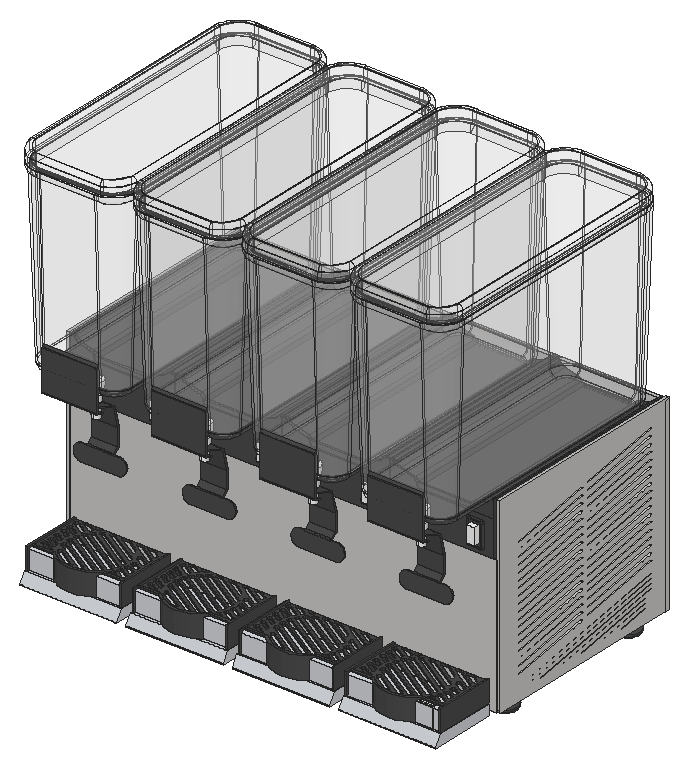
Revit family "QF_Vollrath-VBBE4-37T", category Specialty Equipment, Revit 2018
Family settings
  Round Connector Dimension = Use Diameter
  Part Type = Normal
  Work Plane-Based = No
  Always vertical = Yes
  Cut with Voids When Loaded = Yes
  Shared = No
  Room Calculation Point = No
Parameters (values of type "VBBE4-37-F")
  Weight in Pounds = 116.8
  Watts = 0 W
  Volts = 115 V
  Undercounter Visibility [instance] = no
  Serial Number [instance] = ""
  Refrigerant Type = "R134a"
  Phase = 1
  Model = "VBBE4-37-F"
  Manufacturer = "Vollrath"
  Keynote = ""
  Item Number [instance] = ""
  Installed By = ""
  Foodservice Equipment Identifier = yes
  HP = "-"
  Furnished By = ""
  FL Amps = 16 A
  Electrical Routing [instance] = ""
  Electrical Remarks [instance] = ""
  Electrical Final Connections = ""
  Electric Connection Type = ""
  Elec Conn RI Height = 0"
  Description = "5.28 Gallon Refrigerated Beverage Dispenser"
  Cycle = 60 Hz
  Cost = 0
  Conn Plug = "NEMA 5-20P"
  CSI MasterFormat = ""
  BTUH = 3660.0 Btu/h
  Apparent Power = 0 VA
  Above Counter Visibility [instance] = no
Reference planes (in)
  plane 1 "Unit_Center (F/B)": y = 0
  plane 2: z = 0
  plane 3 "Center of Unit 1 Drip Tray": x = 0
  plane 4 "Right": x = 31.12
  plane 5 "Left": x = -3.6675
  plane 6 "Rear": y = 10.7576
  plane 7 "Front": y = -7.75
  plane 8 "Top": z = 26.20831
  plane 9 "Base Cabinet Front": y = -3.27362
  plane 10 "Cabinet Base": z = 0.37402
  plane 11 "Top of Cabinet": z = 12.97075
  plane 12 "Top Trim": z = 14.07311
  plane 13 "Clearance Left": x = -9.4875
  plane 14 "Clearance Right": x = 25.11875
  plane 15 "Clearance Rear": y = 16.875
  plane 16 "Center of Unit": x = 3.55212
Forms (in)
  Sweep 1, solid, material "QF_Finishes-Clear Plastic"
    path origin (-0.15625, 3.74664, 2.49969) x (1, 0, 0) y (0, 1, 0)
      loop
        line (-2.2551, -11.10622) -> (2.2551, -11.10622)
        arc (2.2551, -11.10622) -> (2.85564, -10.64462) -> (3.17382, -9.95724) r 1.58698
        line (3.17382, -9.95724) -> (3.17382, 5.36453)
        arc (3.17382, 5.36453) -> (2.71278, 6.17327) -> (1.84782, 6.51746) r 1.40778
        line (1.84782, 6.51746) -> (-1.84782, 6.51746)
        arc (-1.84782, 6.51746) -> (-2.71161, 6.17429) -> (-3.17326, 5.36758) r 1.40778
        line (-3.17326, 5.36758) -> (-3.17326, -9.96011)
        arc (-3.17326, -9.96011) -> (-2.85472, -10.64576) -> (-2.2551, -11.10622) r 1.58698
    profile origin (-0.15625, -7.35958, 2.49969) x (0, 1, 0) y (0, 0, 1)
      loop
        line (-0.39475, 22.88102) -> (-0.01824, 22.88102) -> (-0.01824, 23.6765)
        arc (-0.01824, 23.6765) -> (-0.26993, 23.6729) -> (-0.39475, 23.45431) r 0.25381
        line (-0.39475, 23.45431) -> (-0.39475, 22.88102)
  Extrusion 2, solid, material "QF_Finishes-Clear Plastic"
    sketch origin (-0.15625, 3.7403, 1.72693) x (1, 0, 0) y (0, 1, 0)
      loop
        line (-2.15049, -11.11812) -> (2.25892, -11.11812)
        arc (2.25892, -11.11812) -> (2.86473, -10.65608) -> (3.18926, -9.96676) r 1.60522
        line (3.18926, -9.96676) -> (3.18926, 5.42563)
        arc (3.18926, 5.42563) -> (2.86227, 6.21505) -> (2.07284, 6.54204) r 1.11642
        line (2.07284, 6.54204) -> (-2.09748, 6.54204)
        arc (-2.09748, 6.54204) -> (-2.80722, 6.28665) -> (-3.1915, 5.63759) r 1.11388
        line (-3.1915, 5.63759) -> (-3.1915, -9.95554)
        arc (-3.1915, -9.95554) -> (-2.83451, -10.68325) -> (-2.15049, -11.11812) r 1.49663
    from 24.42674 to 24.46291
  Extrusion 3, solid, material "QF_Finishes-Stainless"
    sketch origin (0, 0, 0) x (0, 1, 0) y (0, 0, 1)
      loop
        line (10.7576, 0.80737) -> (10.7576, 13.35433) -> (-3.27362, 13.35433) -> (-3.27362, 0.80737)
        arc (-3.27362, 0.80737) -> (-3.24768, 0.74473) -> (-3.18504, 0.71878) r 0.08858
        line (-3.18504, 0.71878) -> (10.66901, 0.71878)
        arc (10.66901, 0.71878) -> (10.73165, 0.74473) -> (10.7576, 0.80737) r 0.08858
      loop
        line (8.85098, 1.60553) -> (8.83902, 1.67336)
        arc (8.83902, 1.67336) -> (8.80299, 1.6853) -> (8.76503, 1.68493) r 0.11572
        line (8.76503, 1.68493) -> (6.88486, 1.3534)
        arc (6.88486, 1.3534) -> (6.84907, 1.34077) -> (6.81928, 1.31723) r 0.11572
        line (6.81928, 1.31723) -> (6.83124, 1.2494) -> (8.85098, 1.60553)
      loop
        line (8.85098, 1.90536) -> (8.83902, 1.97319)
        arc (8.83902, 1.97319) -> (8.80299, 1.98513) -> (8.76503, 1.98476) r 0.11572
        line (8.76503, 1.98476) -> (5.18444, 1.3534)
        arc (5.18444, 1.3534) -> (5.14864, 1.34077) -> (5.11886, 1.31723) r 0.11572
        line (5.11886, 1.31723) -> (5.13082, 1.2494) -> (8.85098, 1.90536)
      loop
        line (8.85098, 2.20519) -> (8.83902, 2.27302)
        arc (8.83902, 2.27302) -> (8.80299, 2.28496) -> (8.76503, 2.28459) r 0.11572
        line (8.76503, 2.28459) -> (3.48402, 1.3534)
        arc (3.48402, 1.3534) -> (3.44822, 1.34077) -> (3.41843, 1.31723) r 0.11572
        line (3.41843, 1.31723) -> (3.43039, 1.2494) -> (8.85098, 2.20519)
      loop
        line (9.32147, 2.58798) -> (9.30942, 2.65631)
        arc (9.30942, 2.65631) -> (9.27338, 2.66825) -> (9.23542, 2.66788) r 0.11572
        line (9.23542, 2.66788) -> (1.7835, 1.3539)
        arc (1.7835, 1.3539) -> (1.7477, 1.34127) -> (1.71792, 1.31773) r 0.11572
        line (1.71792, 1.31773) -> (1.72997, 1.2494) -> (9.32147, 2.58798)
      loop
        line (9.32147, 2.88782) -> (9.30942, 2.95614)
        arc (9.30942, 2.95614) -> (9.27338, 2.96808) -> (9.23542, 2.96771) r 0.11572
        line (9.23542, 2.96771) -> (0.08308, 1.3539)
        arc (0.08308, 1.3539) -> (0.04728, 1.34127) -> (0.0175, 1.31773) r 0.11572
        line (0.0175, 1.31773) -> (0.02955, 1.2494) -> (9.32147, 2.88782)
      loop
        line (9.32147, 3.18765) -> (9.30942, 3.25598)
        arc (9.30942, 3.25598) -> (9.27338, 3.26791) -> (9.23542, 3.26754) r 0.11572
        line (9.23542, 3.26754) -> (-0.80278, 1.49753)
        arc (-0.80278, 1.49753) -> (-0.83858, 1.4849) -> (-0.86836, 1.46136) r 0.11572
        line (-0.86836, 1.46136) -> (-0.85632, 1.39303) -> (9.32147, 3.18765)
      loop
        line (9.32147, 3.48748) -> (9.30942, 3.55581)
        arc (9.30942, 3.55581) -> (9.27338, 3.56774) -> (9.23542, 3.56737) r 0.11572
        line (9.23542, 3.56737) -> (-0.80278, 1.79736)
        arc (-0.80278, 1.79736) -> (-0.83858, 1.78473) -> (-0.86836, 1.76119) r 0.11572
        line (-0.86836, 1.76119) -> (-0.85632, 1.69286) -> (9.32147, 3.48748)
      loop
        line (9.32185, 4.22424) -> (9.30129, 4.34083)
        arc (9.30129, 4.34083) -> (9.26526, 4.35276) -> (9.22729, 4.35239) r 0.11572
        line (9.22729, 4.35239) -> (4.01542, 3.4334)
        arc (4.01542, 3.4334) -> (3.97963, 3.42076) -> (3.94984, 3.39722) r 0.11572
        line (3.94984, 3.39722) -> (3.9704, 3.28063) -> (9.32185, 4.22424)
      loop
        line (3.58682, 3.213) -> (3.56626, 3.32958)
        arc (3.56626, 3.32958) -> (3.53022, 3.34152) -> (3.49226, 3.34115) r 0.11572
        line (3.49226, 3.34115) -> (-1.71961, 2.42215)
        arc (-1.71961, 2.42215) -> (-1.75541, 2.40952) -> (-1.78519, 2.38598) r 0.11572
        line (-1.78519, 2.38598) -> (-1.76463, 2.26939) -> (3.58682, 3.213)
      loop
        line (9.32185, 4.68766) -> (9.30129, 4.80425)
        arc (9.30129, 4.80425) -> (9.26526, 4.81619) -> (9.22729, 4.81581) r 0.11572
        line (9.22729, 4.81581) -> (4.01542, 3.89682)
        arc (4.01542, 3.89682) -> (3.97963, 3.88419) -> (3.94984, 3.86065) r 0.11572
        line (3.94984, 3.86065) -> (3.9704, 3.74406) -> (9.32185, 4.68766)
      loop
        line (3.58682, 3.67642) -> (3.56626, 3.79301)
        arc (3.56626, 3.79301) -> (3.53022, 3.80494) -> (3.49226, 3.80457) r 0.11572
        line (3.49226, 3.80457) -> (-1.71961, 2.88558)
        arc (-1.71961, 2.88558) -> (-1.75541, 2.87294) -> (-1.78519, 2.8494) r 0.11572
        line (-1.78519, 2.8494) -> (-1.76463, 2.73282) -> (3.58682, 3.67642)
      loop
        line (9.32185, 5.15109) -> (9.30129, 5.26768)
        arc (9.30129, 5.26768) -> (9.26526, 5.27961) -> (9.22729, 5.27924) r 0.11572
        line (9.22729, 5.27924) -> (4.01542, 4.36025)
        arc (4.01542, 4.36025) -> (3.97963, 4.34761) -> (3.94984, 4.32407) r 0.11572
        line (3.94984, 4.32407) -> (3.9704, 4.20748) -> (9.32185, 5.15109)
      loop
        line (3.58682, 4.13985) -> (3.56626, 4.25644)
        arc (3.56626, 4.25644) -> (3.53022, 4.26837) -> (3.49226, 4.268) r 0.11572
        line (3.49226, 4.268) -> (-1.71961, 3.34901)
        arc (-1.71961, 3.34901) -> (-1.75541, 3.33637) -> (-1.78519, 3.31283) r 0.11572
        line (-1.78519, 3.31283) -> (-1.76463, 3.19624) -> (3.58682, 4.13985)
      loop
        line (9.32185, 5.61451) -> (9.30129, 5.7311)
        arc (9.30129, 5.7311) -> (9.26526, 5.74304) -> (9.22729, 5.74267) r 0.11572
        line (9.22729, 5.74267) -> (4.01542, 4.82367)
        arc (4.01542, 4.82367) -> (3.97963, 4.81104) -> (3.94984, 4.7875) r 0.11572
        line (3.94984, 4.7875) -> (3.9704, 4.67091) -> (9.32185, 5.61451)
      loop
        line (3.58682, 4.60327) -> (3.56626, 4.71986)
        arc (3.56626, 4.71986) -> (3.53022, 4.73179) -> (3.49226, 4.73142) r 0.11572
        line (3.49226, 4.73142) -> (-1.71961, 3.81243)
        arc (-1.71961, 3.81243) -> (-1.75541, 3.7998) -> (-1.78519, 3.77626) r 0.11572
        line (-1.78519, 3.77626) -> (-1.76463, 3.65967) -> (3.58682, 4.60327)
      loop
        line (9.32185, 6.07794) -> (9.30129, 6.19453)
        arc (9.30129, 6.19453) -> (9.26526, 6.20646) -> (9.22729, 6.20609) r 0.11572
        line (9.22729, 6.20609) -> (4.01542, 5.2871)
        arc (4.01542, 5.2871) -> (3.97963, 5.27446) -> (3.94984, 5.25092) r 0.11572
        line (3.94984, 5.25092) -> (3.9704, 5.13434) -> (9.32185, 6.07794)
      loop
        line (3.58682, 5.0667) -> (3.56626, 5.18329)
        arc (3.56626, 5.18329) -> (3.53022, 5.19522) -> (3.49226, 5.19485) r 0.11572
        line (3.49226, 5.19485) -> (-1.71961, 4.27586)
        arc (-1.71961, 4.27586) -> (-1.75541, 4.26322) -> (-1.78519, 4.23968) r 0.11572
        line (-1.78519, 4.23968) -> (-1.76463, 4.12309) -> (3.58682, 5.0667)
      loop
        line (9.32185, 6.54137) -> (9.30129, 6.65795)
        arc (9.30129, 6.65795) -> (9.26526, 6.66989) -> (9.22729, 6.66952) r 0.11572
        line (9.22729, 6.66952) -> (4.01542, 5.75052)
        arc (4.01542, 5.75052) -> (3.97963, 5.73789) -> (3.94984, 5.71435) r 0.11572
        line (3.94984, 5.71435) -> (3.9704, 5.59776) -> (9.32185, 6.54137)
      loop
        line (3.58682, 5.53012) -> (3.56626, 5.64671)
        arc (3.56626, 5.64671) -> (3.53022, 5.65864) -> (3.49226, 5.65827) r 0.11572
        line (3.49226, 5.65827) -> (-1.71961, 4.73928)
        arc (-1.71961, 4.73928) -> (-1.75541, 4.72665) -> (-1.78519, 4.70311) r 0.11572
        line (-1.78519, 4.70311) -> (-1.76463, 4.58652) -> (3.58682, 5.53012)
      loop
        line (9.32185, 7.00479) -> (9.30129, 7.12138)
        arc (9.30129, 7.12138) -> (9.26526, 7.13331) -> (9.22729, 7.13294) r 0.11572
        line (9.22729, 7.13294) -> (4.01542, 6.21395)
        arc (4.01542, 6.21395) -> (3.97963, 6.20131) -> (3.94984, 6.17777) r 0.11572
        line (3.94984, 6.17777) -> (3.9704, 6.06119) -> (9.32185, 7.00479)
      loop
        line (3.58682, 5.99355) -> (3.56626, 6.11014)
        arc (3.56626, 6.11014) -> (3.53022, 6.12207) -> (3.49226, 6.1217) r 0.11572
        line (3.49226, 6.1217) -> (-1.71961, 5.20271)
        arc (-1.71961, 5.20271) -> (-1.75541, 5.19007) -> (-1.78519, 5.16653) r 0.11572
        line (-1.78519, 5.16653) -> (-1.76463, 5.04994) -> (3.58682, 5.99355)
      loop
        line (9.32185, 7.46822) -> (9.30129, 7.5848)
        arc (9.30129, 7.5848) -> (9.26526, 7.59674) -> (9.22729, 7.59637) r 0.11572
        line (9.22729, 7.59637) -> (4.01542, 6.67737)
        arc (4.01542, 6.67737) -> (3.97963, 6.66474) -> (3.94984, 6.6412) r 0.11572
        line (3.94984, 6.6412) -> (3.9704, 6.52461) -> (9.32185, 7.46822)
      loop
        line (3.58682, 6.45697) -> (3.56626, 6.57356)
        arc (3.56626, 6.57356) -> (3.53022, 6.5855) -> (3.49226, 6.58512) r 0.11572
        line (3.49226, 6.58512) -> (-1.71961, 5.66613)
        arc (-1.71961, 5.66613) -> (-1.75541, 5.6535) -> (-1.78519, 5.62996) r 0.11572
        line (-1.78519, 5.62996) -> (-1.76463, 5.51337) -> (3.58682, 6.45697)
      loop
        line (9.32185, 7.93164) -> (9.30129, 8.04823)
        arc (9.30129, 8.04823) -> (9.26526, 8.06016) -> (9.22729, 8.05979) r 0.11572
        line (9.22729, 8.05979) -> (4.01542, 7.1408)
        arc (4.01542, 7.1408) -> (3.97963, 7.12816) -> (3.94984, 7.10462) r 0.11572
        line (3.94984, 7.10462) -> (3.9704, 6.98804) -> (9.32185, 7.93164)
      loop
        line (3.58682, 6.9204) -> (3.56626, 7.03699)
        arc (3.56626, 7.03699) -> (3.53022, 7.04892) -> (3.49226, 7.04855) r 0.11572
        line (3.49226, 7.04855) -> (-1.71961, 6.12956)
        arc (-1.71961, 6.12956) -> (-1.75541, 6.11692) -> (-1.78519, 6.09338) r 0.11572
        line (-1.78519, 6.09338) -> (-1.76463, 5.97679) -> (3.58682, 6.9204)
      loop
        line (9.32185, 8.39507) -> (9.30129, 8.51165)
        arc (9.30129, 8.51165) -> (9.26526, 8.52359) -> (9.22729, 8.52322) r 0.11572
        line (9.22729, 8.52322) -> (4.01542, 7.60422)
        arc (4.01542, 7.60422) -> (3.97963, 7.59159) -> (3.94984, 7.56805) r 0.11572
        line (3.94984, 7.56805) -> (3.9704, 7.45146) -> (9.32185, 8.39507)
      loop
        line (3.58682, 7.38382) -> (3.56626, 7.50041)
        arc (3.56626, 7.50041) -> (3.53022, 7.51235) -> (3.49226, 7.51198) r 0.11572
        line (3.49226, 7.51198) -> (-1.71961, 6.59298)
        arc (-1.71961, 6.59298) -> (-1.75541, 6.58035) -> (-1.78519, 6.55681) r 0.11572
        line (-1.78519, 6.55681) -> (-1.76463, 6.44022) -> (3.58682, 7.38382)
      loop
        line (9.32185, 8.85849) -> (9.30129, 8.97508)
        arc (9.30129, 8.97508) -> (9.26526, 8.98701) -> (9.22729, 8.98664) r 0.11572
        line (9.22729, 8.98664) -> (4.01542, 8.06765)
        arc (4.01542, 8.06765) -> (3.97963, 8.05501) -> (3.94984, 8.03147) r 0.11572
        line (3.94984, 8.03147) -> (3.9704, 7.91489) -> (9.32185, 8.85849)
      loop
        line (3.58682, 7.84725) -> (3.56626, 7.96384)
        arc (3.56626, 7.96384) -> (3.53022, 7.97577) -> (3.49226, 7.9754) r 0.11572
        line (3.49226, 7.9754) -> (-1.71961, 7.05641)
        arc (-1.71961, 7.05641) -> (-1.75541, 7.04377) -> (-1.78519, 7.02023) r 0.11572
        line (-1.78519, 7.02023) -> (-1.76463, 6.90364) -> (3.58682, 7.84725)
      loop
        line (9.32185, 9.32192) -> (9.30129, 9.4385)
        arc (9.30129, 9.4385) -> (9.26526, 9.45044) -> (9.22729, 9.45007) r 0.11572
        line (9.22729, 9.45007) -> (4.01542, 8.53107)
        arc (4.01542, 8.53107) -> (3.97963, 8.51844) -> (3.94984, 8.4949) r 0.11572
        line (3.94984, 8.4949) -> (3.9704, 8.37831) -> (9.32185, 9.32192)
      loop
        line (3.58682, 8.31068) -> (3.56626, 8.42726)
        arc (3.56626, 8.42726) -> (3.53022, 8.4392) -> (3.49226, 8.43883) r 0.11572
        line (3.49226, 8.43883) -> (-1.71961, 7.51983)
        arc (-1.71961, 7.51983) -> (-1.75541, 7.5072) -> (-1.78519, 7.48366) r 0.11572
        line (-1.78519, 7.48366) -> (-1.76463, 7.36707) -> (3.58682, 8.31068)
      loop
        line (9.32185, 9.78534) -> (9.30129, 9.90193)
        arc (9.30129, 9.90193) -> (9.26526, 9.91386) -> (9.22729, 9.91349) r 0.11572
        line (9.22729, 9.91349) -> (4.01542, 8.9945)
        arc (4.01542, 8.9945) -> (3.97963, 8.98186) -> (3.94984, 8.95832) r 0.11572
        line (3.94984, 8.95832) -> (3.9704, 8.84174) -> (9.32185, 9.78534)
      loop
        line (3.58682, 8.7741) -> (3.56626, 8.89069)
        arc (3.56626, 8.89069) -> (3.53022, 8.90262) -> (3.49226, 8.90225) r 0.11572
        line (3.49226, 8.90225) -> (-1.71961, 7.98326)
        arc (-1.71961, 7.98326) -> (-1.75541, 7.97062) -> (-1.78519, 7.94708) r 0.11572
        line (-1.78519, 7.94708) -> (-1.76463, 7.8305) -> (3.58682, 8.7741)
      loop
        line (9.32185, 10.24877) -> (9.30129, 10.36535)
        arc (9.30129, 10.36535) -> (9.26526, 10.37729) -> (9.22729, 10.37692) r 0.11572
        line (9.22729, 10.37692) -> (4.01542, 9.45792)
        arc (4.01542, 9.45792) -> (3.97963, 9.44529) -> (3.94984, 9.42175) r 0.11572
        line (3.94984, 9.42175) -> (3.9704, 9.30516) -> (9.32185, 10.24877)
      loop
        line (3.58682, 9.23753) -> (3.56626, 9.35411)
        arc (3.56626, 9.35411) -> (3.53022, 9.36605) -> (3.49226, 9.36568) r 0.11572
        line (3.49226, 9.36568) -> (-1.71961, 8.44668)
        arc (-1.71961, 8.44668) -> (-1.75541, 8.43405) -> (-1.78519, 8.41051) r 0.11572
        line (-1.78519, 8.41051) -> (-1.76463, 8.29392) -> (3.58682, 9.23753)
      loop
        line (9.32185, 10.71219) -> (9.30129, 10.82878)
        arc (9.30129, 10.82878) -> (9.26526, 10.84071) -> (9.22729, 10.84034) r 0.11572
        line (9.22729, 10.84034) -> (4.01542, 9.92135)
        arc (4.01542, 9.92135) -> (3.97963, 9.90871) -> (3.94984, 9.88517) r 0.11572
        line (3.94984, 9.88517) -> (3.9704, 9.76859) -> (9.32185, 10.71219)
      loop
        line (3.58682, 9.70095) -> (3.56626, 9.81754)
        arc (3.56626, 9.81754) -> (3.53022, 9.82947) -> (3.49226, 9.8291) r 0.11572
        line (3.49226, 9.8291) -> (-1.71961, 8.91011)
        arc (-1.71961, 8.91011) -> (-1.75541, 8.89747) -> (-1.78519, 8.87393) r 0.11572
        line (-1.78519, 8.87393) -> (-1.76463, 8.75735) -> (3.58682, 9.70095)
      loop
        line (9.32185, 11.17562) -> (9.30129, 11.2922)
        arc (9.30129, 11.2922) -> (9.26526, 11.30414) -> (9.22729, 11.30377) r 0.11572
        line (9.22729, 11.30377) -> (4.01542, 10.38477)
        arc (4.01542, 10.38477) -> (3.97963, 10.37214) -> (3.94984, 10.3486) r 0.11572
        line (3.94984, 10.3486) -> (3.9704, 10.23201) -> (9.32185, 11.17562)
      loop
        line (3.58682, 10.16438) -> (3.56626, 10.28096)
        arc (3.56626, 10.28096) -> (3.53022, 10.2929) -> (3.49226, 10.29253) r 0.11572
        line (3.49226, 10.29253) -> (-1.71961, 9.37353)
        arc (-1.71961, 9.37353) -> (-1.75541, 9.3609) -> (-1.78519, 9.33736) r 0.11572
        line (-1.78519, 9.33736) -> (-1.76463, 9.22077) -> (3.58682, 10.16438)
      loop
        line (9.32185, 11.63904) -> (9.30129, 11.75563)
        arc (9.30129, 11.75563) -> (9.26526, 11.76756) -> (9.22729, 11.76719) r 0.11572
        line (9.22729, 11.76719) -> (4.01542, 10.8482)
        arc (4.01542, 10.8482) -> (3.97963, 10.83556) -> (3.94984, 10.81202) r 0.11572
        line (3.94984, 10.81202) -> (3.9704, 10.69544) -> (9.32185, 11.63904)
      loop
        line (3.58682, 10.6278) -> (3.56626, 10.74439)
        arc (3.56626, 10.74439) -> (3.53022, 10.75632) -> (3.49226, 10.75595) r 0.11572
        line (3.49226, 10.75595) -> (-1.71961, 9.83696)
        arc (-1.71961, 9.83696) -> (-1.75541, 9.82432) -> (-1.78519, 9.80078) r 0.11572
        line (-1.78519, 9.80078) -> (-1.76463, 9.6842) -> (3.58682, 10.6278)
      loop
        line (9.32185, 12.10307) -> (9.30129, 12.21966)
        arc (9.30129, 12.21966) -> (9.26526, 12.23159) -> (9.22729, 12.23122) r 0.11572
        line (9.22729, 12.23122) -> (4.01542, 11.31223)
        arc (4.01542, 11.31223) -> (3.97963, 11.29959) -> (3.94984, 11.27605) r 0.11572
        line (3.94984, 11.27605) -> (3.9704, 11.15947) -> (9.32185, 12.10307)
      loop
        line (3.58682, 11.09183) -> (3.56626, 11.20842)
        arc (3.56626, 11.20842) -> (3.53022, 11.22035) -> (3.49226, 11.21998) r 0.11572
        line (3.49226, 11.21998) -> (-1.71961, 10.30099)
        arc (-1.71961, 10.30099) -> (-1.75541, 10.28835) -> (-1.78519, 10.26481) r 0.11572
        line (-1.78519, 10.26481) -> (-1.76463, 10.14822) -> (3.58682, 11.09183)
    from -3.6675 to -3.46457
  Extrusion 4, solid, material "QF_Finishes-Black Plastic"
    sketch origin (0, 0, 0) x (1, 0, 0) y (0, 0, 1)
      loop
        line (-3.55, 9.73814) -> (3.55, 9.73814) -> (3.55, 13.26725) -> (3.22835, 13.26725)
        arc (3.22835, 13.26725) -> (3.13884, 13.24576) -> (3.06885, 13.18598) r 0.19715
        arc (3.06885, 13.18598) -> (3.03916, 13.13968) -> (3.00315, 13.0981) r 0.3838
        arc (3.00315, 13.0981) -> (2.87095, 12.99666) -> (2.717, 12.93289) r 0.63833
        line (2.717, 12.93289) -> (1.86181, 12.70374)
        arc (1.86181, 12.70374) -> (1.74573, 12.63647) -> (1.67922, 12.51995) r 0.2576
        line (1.67922, 12.51995) -> (-1.67922, 12.51995)
        arc (-1.67922, 12.51995) -> (-1.74573, 12.63647) -> (-1.86181, 12.70374) r 0.2576
        line (-1.86181, 12.70374) -> (-2.717, 12.93289)
        arc (-2.717, 12.93289) -> (-2.87095, 12.99666) -> (-3.00315, 13.0981) r 0.63833
        arc (-3.00315, 13.0981) -> (-3.03916, 13.13968) -> (-3.06885, 13.18598) r 0.3838
        arc (-3.06885, 13.18598) -> (-3.13884, 13.24576) -> (-3.22835, 13.26725) r 0.19715
        line (-3.22835, 13.26725) -> (-3.55, 13.26725) -> (-3.55, 9.73814)
    from 3.12402 to 3.27362
  Extrusion 5, solid, material "QF_Finishes-Stainless"
    sketch origin (0, 0, 0) x (1, 0, 0) y (0, 0, 1)
      loop
        line (-3.46457, 0.68898) -> (24.91582, 0.68898) -> (24.91582, 9.73814) -> (-3.46457, 9.73814) -> (-3.46457, 0.68898)
    from 3.12402 to 3.27362
  Extrusion 6, solid, material "QF_Finishes-Stainless"
    sketch origin (0, 0, 0) x (1, 0, 0) y (0, 0, 1)
      loop
        line (-3.6675, 0.71878) -> (25.11875, 0.71878) -> (25.11875, 13.26725) -> (-3.6675, 13.26725) -> (-3.6675, 0.71878)
      loop
        line (2.75362, 2.08631) -> (2.75362, 2.13404) -> (2.63501, 2.23715)
        arc (2.63501, 2.23715) -> (2.60199, 2.25254) -> (2.56595, 2.25782) r 0.12567
        line (2.56595, 2.25782) -> (-2.37374, 2.25782)
        arc (-2.37374, 2.25782) -> (-2.40979, 2.25254) -> (-2.44281, 2.23715) r 0.12567
        line (-2.44281, 2.23715) -> (-2.56142, 2.13404) -> (-2.56142, 2.08631) -> (2.75362, 2.08631)
      loop
        line (2.75362, 2.46032) -> (2.75362, 2.50806) -> (2.63501, 2.61116)
        arc (2.63501, 2.61116) -> (2.60199, 2.62656) -> (2.56595, 2.63184) r 0.12567
        line (2.56595, 2.63184) -> (-2.37374, 2.63184)
        arc (-2.37374, 2.63184) -> (-2.40979, 2.62656) -> (-2.44281, 2.61116) r 0.12567
        line (-2.44281, 2.61116) -> (-2.56142, 2.50806) -> (-2.56142, 2.46032) -> (2.75362, 2.46032)
      loop
        line (2.75362, 2.83434) -> (2.75362, 2.88207) -> (2.63501, 2.98518)
        arc (2.63501, 2.98518) -> (2.60199, 3.00058) -> (2.56595, 3.00586) r 0.12567
        line (2.56595, 3.00586) -> (-2.37374, 3.00586)
        arc (-2.37374, 3.00586) -> (-2.40979, 3.00058) -> (-2.44281, 2.98518) r 0.12567
        line (-2.44281, 2.98518) -> (-2.56142, 2.88207) -> (-2.56142, 2.83434) -> (2.75362, 2.83434)
      loop
        line (2.75362, 3.20835) -> (2.75362, 3.25609) -> (2.63501, 3.35919)
        arc (2.63501, 3.35919) -> (2.60199, 3.37459) -> (2.56595, 3.37987) r 0.12567
        line (2.56595, 3.37987) -> (-2.37374, 3.37987)
        arc (-2.37374, 3.37987) -> (-2.40979, 3.37459) -> (-2.44281, 3.35919) r 0.12567
        line (-2.44281, 3.35919) -> (-2.56142, 3.25609) -> (-2.56142, 3.20835) -> (2.75362, 3.20835)
      loop
        line (2.75362, 3.58237) -> (2.75362, 3.6301) -> (2.63501, 3.73321)
        arc (2.63501, 3.73321) -> (2.60199, 3.74861) -> (2.56595, 3.75389) r 0.12567
        line (2.56595, 3.75389) -> (-2.37374, 3.75389)
        arc (-2.37374, 3.75389) -> (-2.40979, 3.74861) -> (-2.44281, 3.73321) r 0.12567
        line (-2.44281, 3.73321) -> (-2.56142, 3.6301) -> (-2.56142, 3.58237) -> (2.75362, 3.58237)
      loop
        line (2.75362, 3.95639) -> (2.75362, 4.00412) -> (2.63501, 4.10722)
        arc (2.63501, 4.10722) -> (2.60199, 4.12262) -> (2.56595, 4.1279) r 0.12567
        line (2.56595, 4.1279) -> (-2.37374, 4.1279)
        arc (-2.37374, 4.1279) -> (-2.40979, 4.12262) -> (-2.44281, 4.10722) r 0.12567
        line (-2.44281, 4.10722) -> (-2.56142, 4.00412) -> (-2.56142, 3.95639) -> (2.75362, 3.95639)
      loop
        line (2.75362, 4.3304) -> (2.75362, 4.37813) -> (2.63501, 4.48124)
        arc (2.63501, 4.48124) -> (2.60199, 4.49664) -> (2.56595, 4.50192) r 0.12567
        line (2.56595, 4.50192) -> (-2.37374, 4.50192)
        arc (-2.37374, 4.50192) -> (-2.40979, 4.49664) -> (-2.44281, 4.48124) r 0.12567
        line (-2.44281, 4.48124) -> (-2.56142, 4.37813) -> (-2.56142, 4.3304) -> (2.75362, 4.3304)
      loop
        line (2.75362, 4.70442) -> (2.75362, 4.75215) -> (2.63501, 4.85526)
        arc (2.63501, 4.85526) -> (2.60199, 4.87065) -> (2.56595, 4.87594) r 0.12567
        line (2.56595, 4.87594) -> (-2.37374, 4.87594)
        arc (-2.37374, 4.87594) -> (-2.40979, 4.87065) -> (-2.44281, 4.85526) r 0.12567
        line (-2.44281, 4.85526) -> (-2.56142, 4.75215) -> (-2.56142, 4.70442) -> (2.75362, 4.70442)
      loop
        line (2.75362, 5.07843) -> (2.75362, 5.12617) -> (2.63501, 5.22927)
        arc (2.63501, 5.22927) -> (2.60199, 5.24467) -> (2.56595, 5.24995) r 0.12567
        line (2.56595, 5.24995) -> (-2.37374, 5.24995)
        arc (-2.37374, 5.24995) -> (-2.40979, 5.24467) -> (-2.44281, 5.22927) r 0.12567
        line (-2.44281, 5.22927) -> (-2.56142, 5.12617) -> (-2.56142, 5.07843) -> (2.75362, 5.07843)
      loop
        line (2.75362, 5.45245) -> (2.75362, 5.50018) -> (2.63501, 5.60329)
        arc (2.63501, 5.60329) -> (2.60199, 5.61869) -> (2.56595, 5.62397) r 0.12567
        line (2.56595, 5.62397) -> (-2.37374, 5.62397)
        arc (-2.37374, 5.62397) -> (-2.40979, 5.61869) -> (-2.44281, 5.60329) r 0.12567
        line (-2.44281, 5.60329) -> (-2.56142, 5.50018) -> (-2.56142, 5.45245) -> (2.75362, 5.45245)
      loop
        line (2.75362, 5.82646) -> (2.75362, 5.8742) -> (2.63501, 5.9773)
        arc (2.63501, 5.9773) -> (2.60199, 5.9927) -> (2.56595, 5.99798) r 0.12567
        line (2.56595, 5.99798) -> (-2.37374, 5.99798)
        arc (-2.37374, 5.99798) -> (-2.40979, 5.9927) -> (-2.44281, 5.9773) r 0.12567
        line (-2.44281, 5.9773) -> (-2.56142, 5.8742) -> (-2.56142, 5.82646) -> (2.75362, 5.82646)
      loop
        line (2.75362, 6.20048) -> (2.75362, 6.24821) -> (2.63501, 6.35132)
        arc (2.63501, 6.35132) -> (2.60199, 6.36672) -> (2.56595, 6.372) r 0.12567
        line (2.56595, 6.372) -> (-2.37374, 6.372)
        arc (-2.37374, 6.372) -> (-2.40979, 6.36672) -> (-2.44281, 6.35132) r 0.12567
        line (-2.44281, 6.35132) -> (-2.56142, 6.24821) -> (-2.56142, 6.20048) -> (2.75362, 6.20048)
      loop
        line (2.75362, 6.5745) -> (2.75362, 6.62223) -> (2.63501, 6.72534)
        arc (2.63501, 6.72534) -> (2.60199, 6.74073) -> (2.56595, 6.74601) r 0.12567
        line (2.56595, 6.74601) -> (-2.37374, 6.74601)
        arc (-2.37374, 6.74601) -> (-2.40979, 6.74073) -> (-2.44281, 6.72534) r 0.12567
        line (-2.44281, 6.72534) -> (-2.56142, 6.62223) -> (-2.56142, 6.5745) -> (2.75362, 6.5745)
      loop
        line (2.75362, 6.94851) -> (2.75362, 6.99625) -> (2.63501, 7.09935)
        arc (2.63501, 7.09935) -> (2.60199, 7.11475) -> (2.56595, 7.12003) r 0.12567
        line (2.56595, 7.12003) -> (-2.37374, 7.12003)
        arc (-2.37374, 7.12003) -> (-2.40979, 7.11475) -> (-2.44281, 7.09935) r 0.12567
        line (-2.44281, 7.09935) -> (-2.56142, 6.99625) -> (-2.56142, 6.94851) -> (2.75362, 6.94851)
      loop
        line (2.75362, 7.32253) -> (2.75362, 7.37026) -> (2.63501, 7.47337)
        arc (2.63501, 7.47337) -> (2.60199, 7.48876) -> (2.56595, 7.49405) r 0.12567
        line (2.56595, 7.49405) -> (-2.37374, 7.49405)
        arc (-2.37374, 7.49405) -> (-2.40979, 7.48876) -> (-2.44281, 7.47337) r 0.12567
        line (-2.44281, 7.47337) -> (-2.56142, 7.37026) -> (-2.56142, 7.32253) -> (2.75362, 7.32253)
      loop
        line (2.75362, 7.69654) -> (2.75362, 7.74428) -> (2.63501, 7.84738)
        arc (2.63501, 7.84738) -> (2.60199, 7.86278) -> (2.56595, 7.86806) r 0.12567
        line (2.56595, 7.86806) -> (-2.37374, 7.86806)
        arc (-2.37374, 7.86806) -> (-2.40979, 7.86278) -> (-2.44281, 7.84738) r 0.12567
        line (-2.44281, 7.84738) -> (-2.56142, 7.74428) -> (-2.56142, 7.69654) -> (2.75362, 7.69654)
      loop
        line (2.75362, 8.07056) -> (2.75362, 8.11829) -> (2.63501, 8.2214)
        arc (2.63501, 8.2214) -> (2.60199, 8.2368) -> (2.56595, 8.24208) r 0.12567
        line (2.56595, 8.24208) -> (-2.37374, 8.24208)
        arc (-2.37374, 8.24208) -> (-2.40979, 8.2368) -> (-2.44281, 8.2214) r 0.12567
        line (-2.44281, 8.2214) -> (-2.56142, 8.11829) -> (-2.56142, 8.07056) -> (2.75362, 8.07056)
      loop
        line (2.75362, 8.44457) -> (2.75362, 8.49231) -> (2.63501, 8.59541)
        arc (2.63501, 8.59541) -> (2.60199, 8.61081) -> (2.56595, 8.61609) r 0.12567
        line (2.56595, 8.61609) -> (-2.37374, 8.61609)
        arc (-2.37374, 8.61609) -> (-2.40979, 8.61081) -> (-2.44281, 8.59541) r 0.12567
        line (-2.44281, 8.59541) -> (-2.56142, 8.49231) -> (-2.56142, 8.44457) -> (2.75362, 8.44457)
      loop
        line (2.75362, 8.81859) -> (2.75362, 8.86632) -> (2.63501, 8.96943)
        arc (2.63501, 8.96943) -> (2.60199, 8.98483) -> (2.56595, 8.99011) r 0.12567
        line (2.56595, 8.99011) -> (-2.37374, 8.99011)
        arc (-2.37374, 8.99011) -> (-2.40979, 8.98483) -> (-2.44281, 8.96943) r 0.12567
        line (-2.44281, 8.96943) -> (-2.56142, 8.86632) -> (-2.56142, 8.81859) -> (2.75362, 8.81859)
      loop
        line (2.75362, 9.19261) -> (2.75362, 9.24034) -> (2.63501, 9.34345)
        arc (2.63501, 9.34345) -> (2.60199, 9.35884) -> (2.56595, 9.36412) r 0.12567
        line (2.56595, 9.36412) -> (-2.37367, 9.36412)
        arc (-2.37367, 9.36412) -> (-2.40971, 9.35884) -> (-2.44273, 9.34345) r 0.12567
        line (-2.44273, 9.34345) -> (-2.56134, 9.24034) -> (-2.56134, 9.19261) -> (2.75362, 9.19261)
      loop
        line (2.75362, 9.56662) -> (2.75362, 9.61436) -> (2.63501, 9.71746)
        arc (2.63501, 9.71746) -> (2.60199, 9.73286) -> (2.56595, 9.73814) r 0.12567
        line (2.56595, 9.73814) -> (-2.37374, 9.73814)
        arc (-2.37374, 9.73814) -> (-2.40979, 9.73286) -> (-2.44281, 9.71746) r 0.12567
        line (-2.44281, 9.71746) -> (-2.56142, 9.61436) -> (-2.56142, 9.56662) -> (2.75362, 9.56662)
      loop
        line (2.75362, 9.94064) -> (2.75362, 9.98837) -> (2.63501, 10.09148)
        arc (2.63501, 10.09148) -> (2.60199, 10.10687) -> (2.56595, 10.11216) r 0.12567
        line (2.56595, 10.11216) -> (-2.37374, 10.11216)
        arc (-2.37374, 10.11216) -> (-2.40979, 10.10687) -> (-2.44281, 10.09148) r 0.12567
        line (-2.44281, 10.09148) -> (-2.56142, 9.98837) -> (-2.56142, 9.94064) -> (2.75362, 9.94064)
      loop
        line (2.75362, 10.31465) -> (2.75362, 10.36239) -> (2.63501, 10.46549)
        arc (2.63501, 10.46549) -> (2.60199, 10.48089) -> (2.56595, 10.48617) r 0.12567
        line (2.56595, 10.48617) -> (-2.37374, 10.48617)
        arc (-2.37374, 10.48617) -> (-2.40979, 10.48089) -> (-2.44281, 10.46549) r 0.12567
        line (-2.44281, 10.46549) -> (-2.56142, 10.36239) -> (-2.56142, 10.31465) -> (2.75362, 10.31465)
      loop
        line (2.75362, 10.68867) -> (2.75362, 10.7364) -> (2.63501, 10.83951)
        arc (2.63501, 10.83951) -> (2.60199, 10.85491) -> (2.56595, 10.86019) r 0.12567
        line (2.56595, 10.86019) -> (-2.37374, 10.86019)
        arc (-2.37374, 10.86019) -> (-2.40979, 10.85491) -> (-2.44281, 10.83951) r 0.12567
        line (-2.44281, 10.83951) -> (-2.56142, 10.7364) -> (-2.56142, 10.68867) -> (2.75362, 10.68867)
      loop
        line (2.75362, 11.06268) -> (2.75362, 11.11042) -> (2.63501, 11.21352)
        arc (2.63501, 11.21352) -> (2.60199, 11.22892) -> (2.56595, 11.2342) r 0.12567
        line (2.56595, 11.2342) -> (-2.37374, 11.2342)
        arc (-2.37374, 11.2342) -> (-2.40979, 11.22892) -> (-2.44281, 11.21352) r 0.12567
        line (-2.44281, 11.21352) -> (-2.56142, 11.11042) -> (-2.56142, 11.06268) -> (2.75362, 11.06268)
      loop
        line (2.75362, 11.4367) -> (2.75362, 11.48443) -> (2.63501, 11.58754)
        arc (2.63501, 11.58754) -> (2.60199, 11.60294) -> (2.56595, 11.60822) r 0.12567
        line (2.56595, 11.60822) -> (-2.37374, 11.60822)
        arc (-2.37374, 11.60822) -> (-2.40979, 11.60294) -> (-2.44281, 11.58754) r 0.12567
        line (-2.44281, 11.58754) -> (-2.56142, 11.48443) -> (-2.56142, 11.4367) -> (2.75362, 11.4367)
      loop
        line (2.75362, 11.81072) -> (2.75362, 11.85845) -> (2.63501, 11.96156)
        arc (2.63501, 11.96156) -> (2.60199, 11.97695) -> (2.56595, 11.98223) r 0.12567
        line (2.56595, 11.98223) -> (-2.37374, 11.98223)
        arc (-2.37374, 11.98223) -> (-2.40979, 11.97695) -> (-2.44281, 11.96156) r 0.12567
        line (-2.44281, 11.96156) -> (-2.56142, 11.85845) -> (-2.56142, 11.81072) -> (2.75362, 11.81072)
      loop
        line (2.75362, 12.18473) -> (2.75362, 12.23247) -> (2.63501, 12.33557)
        arc (2.63501, 12.33557) -> (2.60199, 12.35097) -> (2.56595, 12.35625) r 0.12567
        line (2.56595, 12.35625) -> (-2.37367, 12.35625)
        arc (-2.37367, 12.35625) -> (-2.40971, 12.35097) -> (-2.44273, 12.33557) r 0.12567
        line (-2.44273, 12.33557) -> (-2.56134, 12.23247) -> (-2.56134, 12.18473) -> (2.75362, 12.18473)
      loop
        line (4.42875, 2.08631) -> (9.74378, 2.08631) -> (9.74378, 2.13404) -> (9.62517, 2.23715)
        arc (9.62517, 2.23715) -> (9.59216, 2.25254) -> (9.55611, 2.25782) r 0.12567
        line (9.55611, 2.25782) -> (4.61642, 2.25782)
        arc (4.61642, 2.25782) -> (4.58037, 2.25254) -> (4.54736, 2.23715) r 0.12567
        line (4.54736, 2.23715) -> (4.42875, 2.13404) -> (4.42875, 2.08631)
      loop
        line (4.42875, 2.46032) -> (9.74378, 2.46032) -> (9.74378, 2.50806) -> (9.62517, 2.61116)
        arc (9.62517, 2.61116) -> (9.59216, 2.62656) -> (9.55611, 2.63184) r 0.12567
        line (9.55611, 2.63184) -> (4.61642, 2.63184)
        arc (4.61642, 2.63184) -> (4.58037, 2.62656) -> (4.54736, 2.61116) r 0.12567
        line (4.54736, 2.61116) -> (4.42875, 2.50806) -> (4.42875, 2.46032)
      loop
        line (4.42875, 2.83434) -> (9.74378, 2.83434) -> (9.74378, 2.88207) -> (9.62517, 2.98518)
        arc (9.62517, 2.98518) -> (9.59216, 3.00058) -> (9.55611, 3.00586) r 0.12567
        line (9.55611, 3.00586) -> (4.61642, 3.00586)
        arc (4.61642, 3.00586) -> (4.58037, 3.00058) -> (4.54736, 2.98518) r 0.12567
        line (4.54736, 2.98518) -> (4.42875, 2.88207) -> (4.42875, 2.83434)
      loop
        line (4.42875, 3.20835) -> (9.74378, 3.20835) -> (9.74378, 3.25609) -> (9.62517, 3.35919)
        arc (9.62517, 3.35919) -> (9.59216, 3.37459) -> (9.55611, 3.37987) r 0.12567
        line (9.55611, 3.37987) -> (4.61642, 3.37987)
        arc (4.61642, 3.37987) -> (4.58037, 3.37459) -> (4.54736, 3.35919) r 0.12567
        line (4.54736, 3.35919) -> (4.42875, 3.25609) -> (4.42875, 3.20835)
      loop
        line (4.42875, 3.58237) -> (9.74378, 3.58237) -> (9.74378, 3.6301) -> (9.62517, 3.73321)
        arc (9.62517, 3.73321) -> (9.59216, 3.74861) -> (9.55611, 3.75389) r 0.12567
        line (9.55611, 3.75389) -> (4.61642, 3.75389)
        arc (4.61642, 3.75389) -> (4.58037, 3.74861) -> (4.54736, 3.73321) r 0.12567
        line (4.54736, 3.73321) -> (4.42875, 3.6301) -> (4.42875, 3.58237)
      loop
        line (4.42875, 3.95639) -> (9.74378, 3.95639) -> (9.74378, 4.00412) -> (9.62517, 4.10722)
        arc (9.62517, 4.10722) -> (9.59216, 4.12262) -> (9.55611, 4.1279) r 0.12567
        line (9.55611, 4.1279) -> (4.61642, 4.1279)
        arc (4.61642, 4.1279) -> (4.58037, 4.12262) -> (4.54736, 4.10722) r 0.12567
        line (4.54736, 4.10722) -> (4.42875, 4.00412) -> (4.42875, 3.95639)
      loop
        line (4.42875, 4.3304) -> (9.74378, 4.3304) -> (9.74378, 4.37813) -> (9.62517, 4.48124)
        arc (9.62517, 4.48124) -> (9.59216, 4.49664) -> (9.55611, 4.50192) r 0.12567
        line (9.55611, 4.50192) -> (4.61642, 4.50192)
        arc (4.61642, 4.50192) -> (4.58037, 4.49664) -> (4.54736, 4.48124) r 0.12567
        line (4.54736, 4.48124) -> (4.42875, 4.37813) -> (4.42875, 4.3304)
      loop
        line (4.42875, 4.70442) -> (9.74378, 4.70442) -> (9.74378, 4.75215) -> (9.62517, 4.85526)
        arc (9.62517, 4.85526) -> (9.59216, 4.87065) -> (9.55611, 4.87594) r 0.12567
        line (9.55611, 4.87594) -> (4.61642, 4.87594)
        arc (4.61642, 4.87594) -> (4.58037, 4.87065) -> (4.54736, 4.85526) r 0.12567
        line (4.54736, 4.85526) -> (4.42875, 4.75215) -> (4.42875, 4.70442)
      loop
        line (4.42875, 5.07843) -> (9.74378, 5.07843) -> (9.74378, 5.12617) -> (9.62517, 5.22927)
        arc (9.62517, 5.22927) -> (9.59216, 5.24467) -> (9.55611, 5.24995) r 0.12567
        line (9.55611, 5.24995) -> (4.61642, 5.24995)
        arc (4.61642, 5.24995) -> (4.58037, 5.24467) -> (4.54736, 5.22927) r 0.12567
        line (4.54736, 5.22927) -> (4.42875, 5.12617) -> (4.42875, 5.07843)
      loop
        line (4.42875, 5.45245) -> (9.74378, 5.45245) -> (9.74378, 5.50018) -> (9.62517, 5.60329)
        arc (9.62517, 5.60329) -> (9.59216, 5.61869) -> (9.55611, 5.62397) r 0.12567
        line (9.55611, 5.62397) -> (4.61642, 5.62397)
        arc (4.61642, 5.62397) -> (4.58037, 5.61869) -> (4.54736, 5.60329) r 0.12567
        line (4.54736, 5.60329) -> (4.42875, 5.50018) -> (4.42875, 5.45245)
      loop
        line (4.42875, 5.82646) -> (9.74378, 5.82646) -> (9.74378, 5.8742) -> (9.62517, 5.9773)
        arc (9.62517, 5.9773) -> (9.59216, 5.9927) -> (9.55611, 5.99798) r 0.12567
        line (9.55611, 5.99798) -> (4.61642, 5.99798)
        arc (4.61642, 5.99798) -> (4.58037, 5.9927) -> (4.54736, 5.9773) r 0.12567
        line (4.54736, 5.9773) -> (4.42875, 5.8742) -> (4.42875, 5.82646)
      loop
        line (4.42875, 6.20048) -> (9.74378, 6.20048) -> (9.74378, 6.24821) -> (9.62517, 6.35132)
        arc (9.62517, 6.35132) -> (9.59216, 6.36672) -> (9.55611, 6.372) r 0.12567
        line (9.55611, 6.372) -> (4.61642, 6.372)
        arc (4.61642, 6.372) -> (4.58037, 6.36672) -> (4.54736, 6.35132) r 0.12567
        line (4.54736, 6.35132) -> (4.42875, 6.24821) -> (4.42875, 6.20048)
      loop
        line (4.42875, 6.5745) -> (9.74378, 6.5745) -> (9.74378, 6.62223) -> (9.62517, 6.72534)
        arc (9.62517, 6.72534) -> (9.59216, 6.74073) -> (9.55611, 6.74601) r 0.12567
        line (9.55611, 6.74601) -> (4.61642, 6.74601)
        arc (4.61642, 6.74601) -> (4.58037, 6.74073) -> (4.54736, 6.72534) r 0.12567
        line (4.54736, 6.72534) -> (4.42875, 6.62223) -> (4.42875, 6.5745)
      loop
        line (4.42875, 6.94851) -> (9.74378, 6.94851) -> (9.74378, 6.99625) -> (9.62517, 7.09935)
        arc (9.62517, 7.09935) -> (9.59216, 7.11475) -> (9.55611, 7.12003) r 0.12567
        line (9.55611, 7.12003) -> (4.61642, 7.12003)
        arc (4.61642, 7.12003) -> (4.58037, 7.11475) -> (4.54736, 7.09935) r 0.12567
        line (4.54736, 7.09935) -> (4.42875, 6.99625) -> (4.42875, 6.94851)
      loop
        line (4.42875, 7.32253) -> (9.74378, 7.32253) -> (9.74378, 7.37026) -> (9.62517, 7.47337)
        arc (9.62517, 7.47337) -> (9.59216, 7.48876) -> (9.55611, 7.49405) r 0.12567
        line (9.55611, 7.49405) -> (4.61642, 7.49405)
        arc (4.61642, 7.49405) -> (4.58037, 7.48876) -> (4.54736, 7.47337) r 0.12567
        line (4.54736, 7.47337) -> (4.42875, 7.37026) -> (4.42875, 7.32253)
      loop
        line (4.42875, 7.69654) -> (9.74378, 7.69654) -> (9.74378, 7.74428) -> (9.62517, 7.84738)
        arc (9.62517, 7.84738) -> (9.59216, 7.86278) -> (9.55611, 7.86806) r 0.12567
        line (9.55611, 7.86806) -> (4.61642, 7.86806)
        arc (4.61642, 7.86806) -> (4.58037, 7.86278) -> (4.54736, 7.84738) r 0.12567
        line (4.54736, 7.84738) -> (4.42875, 7.74428) -> (4.42875, 7.69654)
      loop
        line (4.42875, 8.07056) -> (9.74378, 8.07056) -> (9.74378, 8.11829) -> (9.62517, 8.2214)
        arc (9.62517, 8.2214) -> (9.59216, 8.2368) -> (9.55611, 8.24208) r 0.12567
        line (9.55611, 8.24208) -> (4.61642, 8.24208)
        arc (4.61642, 8.24208) -> (4.58037, 8.2368) -> (4.54736, 8.2214) r 0.12567
        line (4.54736, 8.2214) -> (4.42875, 8.11829) -> (4.42875, 8.07056)
      loop
        line (4.42875, 8.44457) -> (9.74378, 8.44457) -> (9.74378, 8.49231) -> (9.62517, 8.59541)
        arc (9.62517, 8.59541) -> (9.59216, 8.61081) -> (9.55611, 8.61609) r 0.12567
        line (9.55611, 8.61609) -> (4.61642, 8.61609)
        arc (4.61642, 8.61609) -> (4.58037, 8.61081) -> (4.54736, 8.59541) r 0.12567
        line (4.54736, 8.59541) -> (4.42875, 8.49231) -> (4.42875, 8.44457)
      loop
        line (4.42875, 8.81859) -> (9.74378, 8.81859) -> (9.74378, 8.86632) -> (9.62517, 8.96943)
        arc (9.62517, 8.96943) -> (9.59216, 8.98483) -> (9.55611, 8.99011) r 0.12567
        line (9.55611, 8.99011) -> (4.61642, 8.99011)
        arc (4.61642, 8.99011) -> (4.58037, 8.98483) -> (4.54736, 8.96943) r 0.12567
        line (4.54736, 8.96943) -> (4.42875, 8.86632) -> (4.42875, 8.81859)
      loop
        line (4.42875, 9.19261) -> (9.74371, 9.19261) -> (9.74371, 9.24034) -> (9.6251, 9.34345)
        arc (9.6251, 9.34345) -> (9.59208, 9.35884) -> (9.55603, 9.36412) r 0.12567
        line (9.55603, 9.36412) -> (4.61642, 9.36412)
        arc (4.61642, 9.36412) -> (4.58037, 9.35884) -> (4.54736, 9.34345) r 0.12567
        line (4.54736, 9.34345) -> (4.42875, 9.24034) -> (4.42875, 9.19261)
      loop
        line (4.42875, 9.56662) -> (9.74378, 9.56662) -> (9.74378, 9.61436) -> (9.62517, 9.71746)
        arc (9.62517, 9.71746) -> (9.59216, 9.73286) -> (9.55611, 9.73814) r 0.12567
        line (9.55611, 9.73814) -> (4.61642, 9.73814)
        arc (4.61642, 9.73814) -> (4.58037, 9.73286) -> (4.54736, 9.71746) r 0.12567
        line (4.54736, 9.71746) -> (4.42875, 9.61436) -> (4.42875, 9.56662)
      loop
        line (4.42875, 9.94064) -> (9.74378, 9.94064) -> (9.74378, 9.98837) -> (9.62517, 10.09148)
        arc (9.62517, 10.09148) -> (9.59216, 10.10687) -> (9.55611, 10.11216) r 0.12567
        line (9.55611, 10.11216) -> (4.61642, 10.11216)
        arc (4.61642, 10.11216) -> (4.58037, 10.10687) -> (4.54736, 10.09148) r 0.12567
        line (4.54736, 10.09148) -> (4.42875, 9.98837) -> (4.42875, 9.94064)
      loop
        line (4.42875, 10.31465) -> (9.74378, 10.31465) -> (9.74378, 10.36239) -> (9.62517, 10.46549)
        arc (9.62517, 10.46549) -> (9.59216, 10.48089) -> (9.55611, 10.48617) r 0.12567
        line (9.55611, 10.48617) -> (4.61642, 10.48617)
        arc (4.61642, 10.48617) -> (4.58037, 10.48089) -> (4.54736, 10.46549) r 0.12567
        line (4.54736, 10.46549) -> (4.42875, 10.36239) -> (4.42875, 10.31465)
      loop
        line (4.42875, 10.68867) -> (9.74378, 10.68867) -> (9.74378, 10.7364) -> (9.62517, 10.83951)
        arc (9.62517, 10.83951) -> (9.59216, 10.85491) -> (9.55611, 10.86019) r 0.12567
        line (9.55611, 10.86019) -> (4.61642, 10.86019)
        arc (4.61642, 10.86019) -> (4.58037, 10.85491) -> (4.54736, 10.83951) r 0.12567
        line (4.54736, 10.83951) -> (4.42875, 10.7364) -> (4.42875, 10.68867)
      loop
        line (4.42875, 11.06268) -> (9.74378, 11.06268) -> (9.74378, 11.11042) -> (9.62517, 11.21352)
        arc (9.62517, 11.21352) -> (9.59216, 11.22892) -> (9.55611, 11.2342) r 0.12567
        line (9.55611, 11.2342) -> (4.61642, 11.2342)
        arc (4.61642, 11.2342) -> (4.58037, 11.22892) -> (4.54736, 11.21352) r 0.12567
        line (4.54736, 11.21352) -> (4.42875, 11.11042) -> (4.42875, 11.06268)
      loop
        line (4.42875, 11.4367) -> (9.74378, 11.4367) -> (9.74378, 11.48443) -> (9.62517, 11.58754)
        arc (9.62517, 11.58754) -> (9.59216, 11.60294) -> (9.55611, 11.60822) r 0.12567
        line (9.55611, 11.60822) -> (4.61642, 11.60822)
        arc (4.61642, 11.60822) -> (4.58037, 11.60294) -> (4.54736, 11.58754) r 0.12567
        line (4.54736, 11.58754) -> (4.42875, 11.48443) -> (4.42875, 11.4367)
      loop
        line (4.42875, 11.81072) -> (9.74378, 11.81072) -> (9.74378, 11.85845) -> (9.62517, 11.96156)
        arc (9.62517, 11.96156) -> (9.59216, 11.97695) -> (9.55611, 11.98223) r 0.12567
        line (9.55611, 11.98223) -> (4.61642, 11.98223)
        arc (4.61642, 11.98223) -> (4.58037, 11.97695) -> (4.54736, 11.96156) r 0.12567
        line (4.54736, 11.96156) -> (4.42875, 11.85845) -> (4.42875, 11.81072)
      loop
        line (4.42875, 12.18473) -> (9.74371, 12.18473) -> (9.74371, 12.23247) -> (9.6251, 12.33557)
        arc (9.6251, 12.33557) -> (9.59208, 12.35097) -> (9.55603, 12.35625) r 0.12567
        line (9.55603, 12.35625) -> (4.61642, 12.35625)
        arc (4.61642, 12.35625) -> (4.58037, 12.35097) -> (4.54736, 12.33557) r 0.12567
        line (4.54736, 12.33557) -> (4.42875, 12.23247) -> (4.42875, 12.18473)
      loop
        line (11.50867, 2.08631) -> (16.82371, 2.08631) -> (16.82371, 2.13404) -> (16.7051, 2.23715)
        arc (16.7051, 2.23715) -> (16.67208, 2.25254) -> (16.63603, 2.25782) r 0.12567
        line (16.63603, 2.25782) -> (11.69634, 2.25782)
        arc (11.69634, 2.25782) -> (11.66029, 2.25254) -> (11.62728, 2.23715) r 0.12567
        line (11.62728, 2.23715) -> (11.50867, 2.13404) -> (11.50867, 2.08631)
      loop
        line (11.50867, 2.46032) -> (16.82371, 2.46032) -> (16.82371, 2.50806) -> (16.7051, 2.61116)
        arc (16.7051, 2.61116) -> (16.67208, 2.62656) -> (16.63603, 2.63184) r 0.12567
        line (16.63603, 2.63184) -> (11.69634, 2.63184)
        arc (11.69634, 2.63184) -> (11.66029, 2.62656) -> (11.62728, 2.61116) r 0.12567
        line (11.62728, 2.61116) -> (11.50867, 2.50806) -> (11.50867, 2.46032)
      loop
        line (11.50867, 2.83434) -> (16.82371, 2.83434) -> (16.82371, 2.88207) -> (16.7051, 2.98518)
        arc (16.7051, 2.98518) -> (16.67208, 3.00058) -> (16.63603, 3.00586) r 0.12567
        line (16.63603, 3.00586) -> (11.69634, 3.00586)
        arc (11.69634, 3.00586) -> (11.66029, 3.00058) -> (11.62728, 2.98518) r 0.12567
        line (11.62728, 2.98518) -> (11.50867, 2.88207) -> (11.50867, 2.83434)
      loop
        line (11.50867, 3.20835) -> (16.82371, 3.20835) -> (16.82371, 3.25609) -> (16.7051, 3.35919)
        arc (16.7051, 3.35919) -> (16.67208, 3.37459) -> (16.63603, 3.37987) r 0.12567
        line (16.63603, 3.37987) -> (11.69634, 3.37987)
        arc (11.69634, 3.37987) -> (11.66029, 3.37459) -> (11.62728, 3.35919) r 0.12567
        line (11.62728, 3.35919) -> (11.50867, 3.25609) -> (11.50867, 3.20835)
      loop
        line (11.50867, 3.58237) -> (16.82371, 3.58237) -> (16.82371, 3.6301) -> (16.7051, 3.73321)
        arc (16.7051, 3.73321) -> (16.67208, 3.74861) -> (16.63603, 3.75389) r 0.12567
        line (16.63603, 3.75389) -> (11.69634, 3.75389)
        arc (11.69634, 3.75389) -> (11.66029, 3.74861) -> (11.62728, 3.73321) r 0.12567
        line (11.62728, 3.73321) -> (11.50867, 3.6301) -> (11.50867, 3.58237)
      loop
        line (11.50867, 3.95639) -> (16.82371, 3.95639) -> (16.82371, 4.00412) -> (16.7051, 4.10722)
        arc (16.7051, 4.10722) -> (16.67208, 4.12262) -> (16.63603, 4.1279) r 0.12567
        line (16.63603, 4.1279) -> (11.69634, 4.1279)
        arc (11.69634, 4.1279) -> (11.66029, 4.12262) -> (11.62728, 4.10722) r 0.12567
        line (11.62728, 4.10722) -> (11.50867, 4.00412) -> (11.50867, 3.95639)
      loop
        line (11.50867, 4.3304) -> (16.82371, 4.3304) -> (16.82371, 4.37813) -> (16.7051, 4.48124)
        arc (16.7051, 4.48124) -> (16.67208, 4.49664) -> (16.63603, 4.50192) r 0.12567
        line (16.63603, 4.50192) -> (11.69634, 4.50192)
        arc (11.69634, 4.50192) -> (11.66029, 4.49664) -> (11.62728, 4.48124) r 0.12567
        line (11.62728, 4.48124) -> (11.50867, 4.37813) -> (11.50867, 4.3304)
      loop
        line (11.50867, 4.70442) -> (16.82371, 4.70442) -> (16.82371, 4.75215) -> (16.7051, 4.85526)
        arc (16.7051, 4.85526) -> (16.67208, 4.87065) -> (16.63603, 4.87594) r 0.12567
        line (16.63603, 4.87594) -> (11.69634, 4.87594)
        arc (11.69634, 4.87594) -> (11.66029, 4.87065) -> (11.62728, 4.85526) r 0.12567
        line (11.62728, 4.85526) -> (11.50867, 4.75215) -> (11.50867, 4.70442)
      loop
        line (11.50867, 5.07843) -> (16.82371, 5.07843) -> (16.82371, 5.12617) -> (16.7051, 5.22927)
        arc (16.7051, 5.22927) -> (16.67208, 5.24467) -> (16.63603, 5.24995) r 0.12567
        line (16.63603, 5.24995) -> (11.69634, 5.24995)
        arc (11.69634, 5.24995) -> (11.66029, 5.24467) -> (11.62728, 5.22927) r 0.12567
        line (11.62728, 5.22927) -> (11.50867, 5.12617) -> (11.50867, 5.07843)
      loop
        line (11.50867, 5.45245) -> (16.82371, 5.45245) -> (16.82371, 5.50018) -> (16.7051, 5.60329)
        arc (16.7051, 5.60329) -> (16.67208, 5.61869) -> (16.63603, 5.62397) r 0.12567
        line (16.63603, 5.62397) -> (11.69634, 5.62397)
        arc (11.69634, 5.62397) -> (11.66029, 5.61869) -> (11.62728, 5.60329) r 0.12567
        line (11.62728, 5.60329) -> (11.50867, 5.50018) -> (11.50867, 5.45245)
      loop
        line (11.50867, 5.82646) -> (16.82371, 5.82646) -> (16.82371, 5.8742) -> (16.7051, 5.9773)
        arc (16.7051, 5.9773) -> (16.67208, 5.9927) -> (16.63603, 5.99798) r 0.12567
        line (16.63603, 5.99798) -> (11.69634, 5.99798)
        arc (11.69634, 5.99798) -> (11.66029, 5.9927) -> (11.62728, 5.9773) r 0.12567
        line (11.62728, 5.9773) -> (11.50867, 5.8742) -> (11.50867, 5.82646)
      loop
        line (11.50867, 6.20048) -> (16.82371, 6.20048) -> (16.82371, 6.24821) -> (16.7051, 6.35132)
        arc (16.7051, 6.35132) -> (16.67208, 6.36672) -> (16.63603, 6.372) r 0.12567
        line (16.63603, 6.372) -> (11.69634, 6.372)
        arc (11.69634, 6.372) -> (11.66029, 6.36672) -> (11.62728, 6.35132) r 0.12567
        line (11.62728, 6.35132) -> (11.50867, 6.24821) -> (11.50867, 6.20048)
      loop
        line (11.50867, 6.5745) -> (16.82371, 6.5745) -> (16.82371, 6.62223) -> (16.7051, 6.72534)
        arc (16.7051, 6.72534) -> (16.67208, 6.74073) -> (16.63603, 6.74601) r 0.12567
        line (16.63603, 6.74601) -> (11.69634, 6.74601)
        arc (11.69634, 6.74601) -> (11.66029, 6.74073) -> (11.62728, 6.72534) r 0.12567
        line (11.62728, 6.72534) -> (11.50867, 6.62223) -> (11.50867, 6.5745)
      loop
        line (11.50867, 6.94851) -> (16.82371, 6.94851) -> (16.82371, 6.99625) -> (16.7051, 7.09935)
        arc (16.7051, 7.09935) -> (16.67208, 7.11475) -> (16.63603, 7.12003) r 0.12567
        line (16.63603, 7.12003) -> (11.69634, 7.12003)
        arc (11.69634, 7.12003) -> (11.66029, 7.11475) -> (11.62728, 7.09935) r 0.12567
        line (11.62728, 7.09935) -> (11.50867, 6.99625) -> (11.50867, 6.94851)
      loop
        line (11.50867, 7.32253) -> (16.82371, 7.32253) -> (16.82371, 7.37026) -> (16.7051, 7.47337)
        arc (16.7051, 7.47337) -> (16.67208, 7.48876) -> (16.63603, 7.49405) r 0.12567
        line (16.63603, 7.49405) -> (11.69634, 7.49405)
        arc (11.69634, 7.49405) -> (11.66029, 7.48876) -> (11.62728, 7.47337) r 0.12567
        line (11.62728, 7.47337) -> (11.50867, 7.37026) -> (11.50867, 7.32253)
      loop
        line (11.50867, 7.69654) -> (16.82371, 7.69654) -> (16.82371, 7.74428) -> (16.7051, 7.84738)
        arc (16.7051, 7.84738) -> (16.67208, 7.86278) -> (16.63603, 7.86806) r 0.12567
        line (16.63603, 7.86806) -> (11.69634, 7.86806)
        arc (11.69634, 7.86806) -> (11.66029, 7.86278) -> (11.62728, 7.84738) r 0.12567
        line (11.62728, 7.84738) -> (11.50867, 7.74428) -> (11.50867, 7.69654)
      loop
        line (11.50867, 8.07056) -> (16.82371, 8.07056) -> (16.82371, 8.11829) -> (16.7051, 8.2214)
        arc (16.7051, 8.2214) -> (16.67208, 8.2368) -> (16.63603, 8.24208) r 0.12567
        line (16.63603, 8.24208) -> (11.69634, 8.24208)
        arc (11.69634, 8.24208) -> (11.66029, 8.2368) -> (11.62728, 8.2214) r 0.12567
        line (11.62728, 8.2214) -> (11.50867, 8.11829) -> (11.50867, 8.07056)
      loop
        line (11.50867, 8.44457) -> (16.82371, 8.44457) -> (16.82371, 8.49231) -> (16.7051, 8.59541)
        arc (16.7051, 8.59541) -> (16.67208, 8.61081) -> (16.63603, 8.61609) r 0.12567
        line (16.63603, 8.61609) -> (11.69634, 8.61609)
        arc (11.69634, 8.61609) -> (11.66029, 8.61081) -> (11.62728, 8.59541) r 0.12567
        line (11.62728, 8.59541) -> (11.50867, 8.49231) -> (11.50867, 8.44457)
      loop
        line (11.50867, 8.81859) -> (16.82371, 8.81859) -> (16.82371, 8.86632) -> (16.7051, 8.96943)
        arc (16.7051, 8.96943) -> (16.67208, 8.98483) -> (16.63603, 8.99011) r 0.12567
        line (16.63603, 8.99011) -> (11.69634, 8.99011)
        arc (11.69634, 8.99011) -> (11.66029, 8.98483) -> (11.62728, 8.96943) r 0.12567
        line (11.62728, 8.96943) -> (11.50867, 8.86632) -> (11.50867, 8.81859)
      loop
        line (11.50867, 9.19261) -> (16.82363, 9.19261) -> (16.82363, 9.24034) -> (16.70502, 9.34345)
        arc (16.70502, 9.34345) -> (16.672, 9.35884) -> (16.63595, 9.36412) r 0.12567
        line (16.63595, 9.36412) -> (11.69634, 9.36412)
        arc (11.69634, 9.36412) -> (11.66029, 9.35884) -> (11.62728, 9.34345) r 0.12567
        line (11.62728, 9.34345) -> (11.50867, 9.24034) -> (11.50867, 9.19261)
      loop
        line (11.50867, 9.56662) -> (16.82371, 9.56662) -> (16.82371, 9.61436) -> (16.7051, 9.71746)
        arc (16.7051, 9.71746) -> (16.67208, 9.73286) -> (16.63603, 9.73814) r 0.12567
        line (16.63603, 9.73814) -> (11.69634, 9.73814)
        arc (11.69634, 9.73814) -> (11.66029, 9.73286) -> (11.62728, 9.71746) r 0.12567
        line (11.62728, 9.71746) -> (11.50867, 9.61436) -> (11.50867, 9.56662)
      loop
        line (11.50867, 9.94064) -> (16.82371, 9.94064) -> (16.82371, 9.98837) -> (16.7051, 10.09148)
        arc (16.7051, 10.09148) -> (16.67208, 10.10687) -> (16.63603, 10.11216) r 0.12567
        line (16.63603, 10.11216) -> (11.69634, 10.11216)
        arc (11.69634, 10.11216) -> (11.66029, 10.10687) -> (11.62728, 10.09148) r 0.12567
